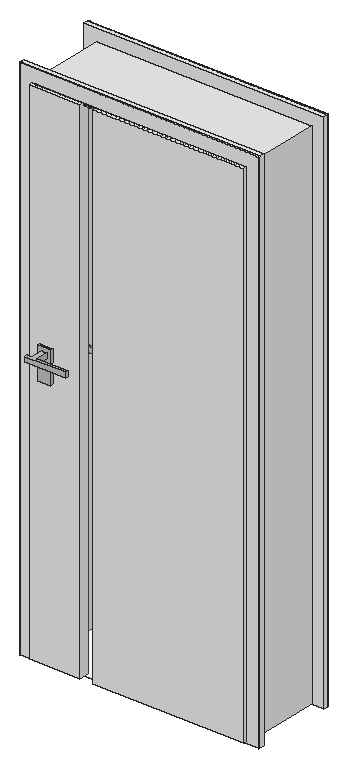
Revit family "Porta_FOCUS_A_osc_PS_pn", category Drzwi, Revit 2014
Parameters (values of type "pn 80")
  wysokość = 2016 mm
  szerokość = 800 mm
  Zakres szerokości muru [instance] = if(and(Grubość ściany > 94 mm, Grubość ściany < 120 mm), "B", (if(and(Grubość ściany > 119 mm, Grubość ściany < 140 mm), "C", (if(and(Grubość ściany > 139 mm, Grubość ściany < 160 mm), "D", (if(and(Grubość ściany > 159 mm, Grubość ściany < 180 mm), "E", (if(and(Grubość ściany > 179 mm, Grubość ściany < 200 mm), "F", (if(and(Grubość ściany > 199 mm, Grubość ściany < 220 mm), "G", (if(and(Grubość ściany > 219 mm, Grubość ściany < 240 mm), "H", (if(and(Grubość ściany > 239 mm, Grubość ściany < 260 mm), "I", (if(and(Grubość ściany > 259 mm, Grubość ściany < 280 mm), "J", (if(and(Grubość ściany > 279 mm, Grubość ściany < 301 mm), "K", "BRAK")))))))))))))))))))  # "K"
  Wysokość brutto = 2060 mm
  Szerokość brutto = 880 mm
  Model = "Porta FOCUS A"  # constant formula
  Materiał szklenie [instance] = Szkło
  Klamka [instance] = yes
  Grubość ściany [instance] = 300 mm
  Funkcja = Wewnętrzna
  URL = "www.porta.com.pl"
  Ss = 844 mm
  Sb = 846 mm
  Producent = "PORTA KMI POLAND"  # constant formula
  Keynote = ""
  Opis = "Ościeżnica Porta System"
  Height = 0 mm
  Zakończenie ściany = Wg obiektu nadrzędnego
  Width = 0 mm
  Materiał skrzydło [instance] = Porta - biały
  Materiał ościeżnica [instance] = Porta - biały
  Materiał klamka [instance] = Porta - chrom
  Hs = 2030 mm
Types (3, lengths in mm): name | szerokość | Szerokość brutto | Ss | Sb
  (no name) | 800 | 880 | 844 | 846
  pn 80 | 800 | 880 | 844 | 846
  pn 90 | 900 | 980 | 944 | 946
Reference planes
  plane 1: y = 0
  plane 2 "Środek (Lewa/Prawa)": x = 0
  plane 3 "Lewy": x = -440
  plane 4 "Prawy": x = 440
  plane 5: z = 2060
  plane 6 "Zewnętrzna": y = 150
  plane 7 "Wewnętrzna": y = -150
  plane 8 "skrzydło": y = -144.5
  plane 9: y = -184.5
  plane 10: x = -354
Forms (mm)
  Sweep 1, solid, material "Porta - biały" <- "Materiał ościeżnica"
    path in 3D
      loop
        line (-440, -150, 0) -> (-440, -150, 2060) -> (440, -150, 2060) -> (440, -150, 0)
    profile origin (-440, -150, 1030) x (0, -1, 0) y (1, 0, 0)
      loop
        line (-10, 39) -> (-72, 39) -> (-72, 17) -> (0, 17) -> (0, -33) -> (16, -33)
        arc (16, -33) -> (18.121, -32.121) -> (19, -30) r 3
        line (19, -30) -> (19, 24)
        arc (19, 24) -> (18.121, 26.121) -> (16, 27) r 3
        line (16, 27) -> (-10, 27) -> (-10, 39)
  Sweep 2, solid, material "Porta - biały" <- "Materiał ościeżnica"
    path in 3D
      loop
        line (440, 150, 0) -> (440, 150, 2060) -> (-440, 150, 2060) -> (-440, 150, 0)
    profile origin (-440, 150, 1030) x (1, 0, 0) y (0, 1, 0)
      loop
        line (-33, 0) -> (17, 0) -> (17, -228) -> (39, -228) -> (39, -1)
        arc (39, -1) -> (37.536, 2.536) -> (34, 4) r 5
        line (34, 4) -> (25, 4) -> (25, 16)
        arc (25, 16) -> (24.121, 18.121) -> (22, 19) r 3
        line (22, 19) -> (-30, 19)
        arc (-30, 19) -> (-32.121, 18.121) -> (-33, 16) r 3
        line (-33, 16) -> (-33, 0)
Cuts and joins
  joined: Sweep 1, Sweep 2
Lines and regions (mm)
  Opening 1
    outline origin (-3050, -150, 0) x (1, 0, 0) y (0, 0, 1)
      loop
        line (2610, 0) -> (3490, 0) -> (3490, 2060) -> (2610, 2060) -> (2610, 0)
  sketch lines
    curve 1: line (-440, -150, 0) -> (-440, -150, 2060)
    curve 2: line (-440, -150, 2060) -> (440, -150, 2060)
    curve 3: line (440, -150, 2060) -> (440, -150, 0)
    curve 4: line (-440, 150, 2060) -> (-440, 150, 0)
    curve 5: line (440, 150, 2060) -> (-440, 150, 2060)
    curve 6: line (440, 150, 0) -> (440, 150, 2060)
  symbolic lines, style "Doors"
    curve 7: line (440, -184.5, 0) -> (440, -1028.5, 0)
    curve 8: line (440, -1028.5, 0) -> (400, -1028.5, 0)
    curve 9: line (400, -1028.5, 0) -> (400, -184.5, 0)
    curve 10: line (400, -184.5, 0) -> (440, -184.5, 0)
  symbolic lines
    curve 11: arc (-422, -184.5, 0) -> (-174.798, -781.298, 0) -> (422, -1028.5, 0) r 844
Text (mm)
  text "Zewnętrzna" at (-2295.016, 1099.543, 0), in view "Poziom odniesienia"
  text "Zewnętrzna" at (0, 1615.38, 3698.081), in view "Lewy"
  text "Zewnętrzna" at (0, 1036.032, 3874.932), in view "Prawy"
Dimensions and locks
  equal spacing: plane 3 "Lewy", plane 2 "Środek (Lewa/Prawa)", plane 4 "Prawy"
  "Szerokość brutto": plane 3 "Lewy" to plane 4 "Prawy"
  "Wysokość brutto": plane 5 to host wall
  host wall to plane 5 = 2060 mm  (x2)
  locked: plane 6 "Zewnętrzna" to host wall at 0
  locked: plane 7 "Wewnętrzna" to host wall
  "Sb": Sweep 1 to Sweep 1
  locked: Sweep 1 sketch curve to Sweep 1 sketch curve at 22
  Sweep 1 sketch curve to Sweep 1 sketch curve = 50 mm
  locked: Sweep 1 sketch curve to profile plane at 72
  locked: Sweep 2 sketch curve to Sweep 2 sketch curve at 50
  locked: Sweep 2 sketch curve to Sweep 2 sketch curve at 22
  locked: Sweep 2 sketch curve to plane 6 "Zewnętrzna" at 1
  locked: curve 9 to curve 7 at 40
  "Ss": curve 8 to curve 10
  plane 2 "Środek (Lewa/Prawa)" to curve 7 = 440 mm
  locked: plane 7 "Wewnętrzna" to plane 8 "skrzydło" at 5.5
  equal spacing: nested 1, plane 2 "Środek (Lewa/Prawa)", nested 1
  locked: nested 1 to level at 8
  "Grubość ściany": host wall to host wall
  locked: plane 8 "skrzydło" to plane 9 at 40
  locked: plane 3 "Lewy" to plane 10 at 86
  aligned and locked: plane 3 "Lewy" to Opening 1 sketch curve
  aligned and locked: plane 5 to Opening 1 sketch curve  (x2)
  aligned and locked: Opening 1 sketch curve to plane 4 "Prawy"
  aligned and locked: Opening 1 sketch curve to level
  aligned and locked: plane 1 to host wall
  aligned and locked: Sweep 1 to Sweep 2 sketch curve
  aligned and locked: Sweep 2 sketch curve to cut or joined group of Sweep 1, Sweep 2
  aligned and locked: nested 1 to plane 8 "skrzydło"
  aligned and locked: plane 4 "Prawy" to curve 7
  aligned and locked: plane 9 to curve 10
  aligned and locked: nested 3 to plane 8 "skrzydło"
  aligned and locked: plane 9 to nested 2
  aligned and locked: plane 10 to nested 2
  aligned and locked: nested 3 to plane 10
Automatic sketch dimensions
  profile plane to Sweep 1 sketch curve = 10 mm
  Sweep 1 sketch curve to profile plane = 16 mm  (x2)
  Sweep 1 sketch curve to Sweep 1 sketch curve = 3 mm
  profile plane to Sweep 1 sketch curve = 17 mm
  Sweep 1 sketch curve to Sweep 1 sketch curve = 7 mm
  Sweep 1 sketch curve to profile plane = 0 mm
  Sweep 2 sketch curve to profile plane = 0 mm
  Sweep 2 sketch curve to profile plane = 16 mm
  Sweep 2 sketch curve to Sweep 2 sketch curve = 3 mm
  Sweep 2 sketch curve to Sweep 2 sketch curve = 5 mm
  Sweep 2 sketch curve to profile plane = 4 mm
  Sweep 2 sketch curve to Sweep 2 sketch curve = 8 mm
  plane 9 to curve 11 = 0 mm
  plane 4 "Prawy" to curve 11 = 18 mm
Nested families
  nested 1: "skrzydło" at (0, -151, 0), type "skrzydło"
  nested 2: "KLAMKA" at (-344, -184.5, 1112), Materiał klamki <- "Materiał klamka", visible <- "Klamka", type "KLAMKA"
    with Materiał klamki Porta - chrom
  nested 3: "KLAMKA" at (-344, -144.5, 1112), Materiał klamki <- "Materiał klamka", visible <- "Klamka", type "KLAMKA"
    with Materiał klamki Porta - chrom
Definition of nested family "skrzydło"
  Parameters (values of type "skrzydło")
    Ss = 844 mm
    Materiał szklenie = none
    Materiał skrzydło = Porta - biały
    Assembly Code = ""
    Hs = 2030 mm
  Reference planes
    plane 1 "Tył": y = 6.5
    plane 2: z = 0
    plane 3 "Środek (Lewa/Prawa)": x = 0
    plane 4 "Lewa": x = -422
    plane 5 "Prawa": x = 422
    plane 6 "Przód": y = -33.5
    plane 7: z = 2038
    plane 8 "Centrum": y = -13.5
    plane 9: z = 8
    plane 10: x = -222
    plane 11: x = -172
  Forms (mm)
    Extrusion 1, solid, material "Porta - biały" <- "Materiał skrzydło"
      sketch origin (0, -33.5, 0) x (-1, 0, 0) y (0, 0, 1)
        loop
          line (422, 2038) -> (-422, 2038) -> (-422, 8) -> (422, 8) -> (422, 2038)
      from 0 to 40
    Sweep 2, void
      path origin (0, 6.5, 0) x (1, 0, 0) y (0, 0, 1)
        loop
          line (422, 0) -> (422, 2038) -> (-422, 2038) -> (-422, 0)
      profile origin (-422, 6.5, 1019) x (0, -1, 0) y (1, 0, 0)
        loop
          line (0, 0) -> (26, 0) -> (26, 13) -> (0, 13) -> (0, 0)
    Extrusion 3, void
      sketch origin (0, -33.5, 0) x (-1, 0, 0) y (0, 0, 1)
        loop
          line (222, 8) -> (222, 2038) -> (172, 2038) -> (172, 8) -> (222, 8)
      from 0 to 250
    Extrusion 4, solid, material <- "Materiał szklenie"
      sketch origin (0, -33.5, 0) x (-1, 0, 0) y (0, 0, 1)
        loop
          line (222, 8) -> (222, 2025) -> (172, 2025) -> (172, 8) -> (222, 8)
      from 18 to 22
  Cuts and joins
    Sweep 2, Extrusion 3 cuts Extrusion 1
  Dimensions and locks
    equal spacing: plane 4 "Lewa", plane 3 "Środek (Lewa/Prawa)", plane 5 "Prawa"
    "Ss": plane 4 "Lewa" to plane 5 "Prawa"
    locked: plane 9 to level at 8
    "Hs": plane 7 to plane 9
    equal spacing: plane 6 "Przód", plane 8 "Centrum", plane 1 "Tył"
    locked: plane 4 "Lewa" to plane 10 at 200
    locked: plane 10 to plane 11 at 50
    aligned and locked: Extrusion 1 sketch curve to plane 9
    aligned and locked: Extrusion 1 sketch curve to plane 5 "Prawa"
    aligned and locked: Extrusion 1 sketch curve to plane 4 "Lewa"
    aligned and locked: Sweep 2 sketch curve to plane 4 "Lewa"
    aligned and locked: Sweep 2 sketch curve to plane 7
    aligned and locked: Sweep 2 sketch curve to plane 5 "Prawa"
    aligned and locked: level to Sweep 2 sketch curve  (x2)
    aligned and locked: plane 7 to Extrusion 1 sketch curve
    aligned and locked: Extrusion 4 sketch curve to cut or joined group of Extrusion 1, Sweep 2, Extrusion 3  (x2)
    aligned and locked: cut or joined group of Extrusion 1, Sweep 2, Extrusion 3 to Extrusion 4 sketch curve
    aligned and locked: plane 10 to Extrusion 3 sketch curve
    aligned and locked: plane 11 to Extrusion 3 sketch curve
    aligned and locked: Extrusion 3 sketch curve to plane 7
    aligned and locked: Extrusion 3 sketch curve to plane 9
  Automatic sketch dimensions
    plane 1 "Tył" to Sweep 2 sketch curve = 0 mm
    Sweep 2 sketch curve to profile plane = 0 mm
    Sweep 2 sketch curve to Sweep 2 sketch curve = 26 mm
    Sweep 2 sketch curve to Sweep 2 sketch curve = 13 mm
    Extrusion 4 sketch curve to plane 7 = 13 mm
Definition of nested family "KLAMKA"
  Parameters (values of type "KLAMKA")
    Materiał klamki [instance] = none
    Assembly Code = ""
    Default Elevation = 1219.2 mm
  Reference planes
    plane 1 "Center (Front/Back)": y = 0
    plane 2: z = 0
    plane 3 "Center (Left/Right)": x = -10
  Forms (mm)
    Extrusion 1, solid, material <- "Materiał klamki"
      sketch origin (0, 0, 0) x (1, 0, 0) y (0, 0, 1)
        loop
          line (-35, -25) -> (15, -25) -> (15, 25) -> (-35, 25) -> (-35, -25)
      from 0 to 10
    Extrusion 2, solid, material <- "Materiał klamki"
      sketch origin (0, 0, 0) x (1, 0, 0) y (0, 1, 0)
        loop
          line (-20, -10) -> (-20, -60) -> (-40, -60) -> (-40, -70) -> (120, -70) -> (120, -60) -> (0, -60) -> (0, -10) -> (-20, -10)
      from -10 to 10
    Extrusion 3, solid, material <- "Materiał klamki"
      sketch origin (0, 0, -8) x (1, 0, 0) y (0, 0, 1)
        loop
          line (-35, -92) -> (15, -92) -> (15, -42) -> (-35, -42) -> (-35, -92)
      from 0 to 10
  Dimensions and locks
    aligned and locked: Extrusion 1 to plane 1 "Center (Front/Back)"
